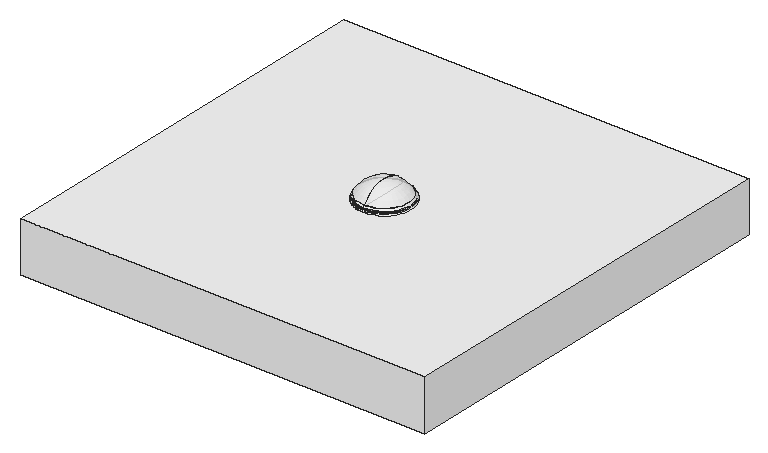
Revit family "Sarlam_Lighting_Bulkhead_Astreo_T1_Diam_330mm_800_Lm", category Luminaires, Revit 2020
Family settings
  Hôte = Face
  Cote de connecteur circulaire = Utiliser le diamètre
  Type d'élément = Normal
  Couper avec des vides une fois chargée = Non
  Source d'éclairage = Oui
  Partagée = Non
  Point de calcul de pièce = Non
Parameters (values of type "ON/OFF WHITE")
  Zone plafond formes 8à9 [instance] = and(Outer diameter = 328 mm, or(Standard Forme 8), not([Detection area - Wall]), [Detection area - Ceiling])  # no
  Zone murale formes 8à9 [instance] = and(Outer diameter = 328 mm, or(Standard Forme 8), [Detection area - Wall], not([Detection area - Ceiling]))  # no
  With movement sensor = no
  With light sensor = no
  Width = 328 mm
  Voltage type = "AC"
  Type of dimming = "Not dimmable"
  Type of control gear = "LED operating device current-controlled"
  System power W = 10.5
  Suitable for wall mounting = yes
  Suitable for suspended mounting = no
  Suitable for surface mounting = yes
  Suitable for ceiling mounting = yes
  Suitable for built-in mounting = no
  Radiation angle = "Open beam"
  Protection Class = "II"
  Outer diameter = 328 mm
  Nominal voltage (Un) V MIN = 207
  Nominal voltage (Un) V MAX = 253
  Nominal current mA MIN = 61
  Nominal current mA MAX = 84
  Material housing = Plastique
  Light sharing = "Symmetric"
  Length = 328 mm
  Lamp type = "LED not exchangeable"
  Lamp power at multiwatt = "Other"
  Lamp power W = ""
  Lamp holder = "None"
  Impact strength (IK) = "IK07"
  Height/depth = 107 mm
  General Conditions of Use = "https://export.legrand.com/en/terms-of-use-BIM-objects"
  Effective luminous flux lm = 800
  Detection area = ""
  URL = "http://www.legrandoc.com/SL532180"
  built-in parameter 1150107 = 3200 (stored number, unit not read)
  Standard Forme 8 = yes
  Wattage = 9.2903 W
  built-in parameter 1150110 = 1 (stored number, unit not read)
  built-in parameter 1150109 = 1 (stored number, unit not read)
  built-in parameter 1114218 = 1 (stored number, unit not read)
  built-in parameter 1150113 = 1 (stored number, unit not read)
  built-in parameter 1150112 = 1 (stored number, unit not read)
  built-in parameter 1150137 = (empty or 0)
  built-in parameter 1150132 = (empty or 0)
  Modèle = "SL-532180"
  built-in parameter 1150105 = 109.82 (stored number, unit not read)
  built-in parameter 1150102 = (empty or 0)
  Dimming Lamp Color Temperature Shift = (empty or 0)
  Lumens = 1380 lm
  Color Filter = 16777215
  Fichier de distribution photométrique = "SL532080.ies"
  built-in parameter 1114217 = 1 (stored number, unit not read)
  built-in parameter 1150139 = (empty or 0)
  Fabricant = "LEGRAND"
  Emettre à partir du diamètre du cercle = 250 mm
  Emit Shape Visible in Rendering = no
  built-in parameter 1150104 = 13.8 (stored number, unit not read)
  built-in parameter 1150106 = 1.0982 (stored number, unit not read)
  built-in parameter 1150115 = 1 (stored number, unit not read)
  built-in parameter 1150114 = 1 (stored number, unit not read)
  Description = "ASTREO 800LM 4000K  STANDARD ON/OFF WHITE"
  Degree of protection (IP) = "IP44"
  built-in parameter 1150138 = (empty or 0)
  built-in parameter 1150134 = 3
  Colour temperature K MIN = 4000
  Colour temperature K MAX = 4000
  Colour rendering index CRI = "80-89"
  Colour housing = LEGRAND - White
  Built-in width = 328 mm
  Built-in length = 0 mm
  Built-in height/depth = 0 mm
  Built-in diameter = 0 mm
  Tilt Angle = 0.00°
  Detection area - Ceiling [instance] = no
  Detection area - Wall [instance] = no
  Default Elevation = 2500 mm
  Tag [instance] = no
  built-in parameter 1150133 = 10 (stored number, unit not read)
Types (4, lengths in mm): name | With movement sensor | System power W | Detection area | URL | Modèle | Description | Colour housing
  ON/OFF WHITE | no | 10.5 | "" | "http://www.legrandoc.com/SL532180" | "SL-532180" | "ASTREO 800LM 4000K  STANDARD ON/OFF WHITE" | LEGRAND - White
  ON/OFF ANTHRACITE | no | 10.5 | "" | "http://www.legrandoc.com/SL532181" | "SL-532181" | "ASTREO 800LM 4000K  STANDARD ON/OFF BLACK" | LEGRAND - Anthracite
  With microwave sensor WHITE | yes | 11 | "Detection at 2,5m high Ceiling: Ø 12m max Wall: Ellipse 10*8m" | "http://www.legrandoc.com/SL532185" | "SL-532185" | "ASTREO 800LM 4000K  STANDARD DETECTION WHITE" | LEGRAND - White
  With microwave sensor ANTHRACITE | yes | 11 | "Detection at 2,5m high Ceiling: Ø 12m max Wall: Ellipse 10*8m" | "http://www.legrandoc.com/SL532186" | "SL-532186" | "ASTREO 800LM 4000K  STANDARD DETECTION BLACK" | LEGRAND - Anthracite
Reference planes
  plane 1 "Centre (avant/arrière)": y = 0
  plane 2: z = 0
  plane 3 "Centre (gauche/droite)": x = 0
  plane 4: z = 127
Forms (mm)
  Extrusion 1, solid, material "Blanc"
    sketch origin (0, 0, 0) x (1, 0, 0) y (0, 1, 0)
      loop
        line (-1219.2, 1219.2) -> (-1219.2, -1219.2) -> (1219.2, -1219.2) -> (1219.2, 1219.2) -> (-1219.2, 1219.2)
    from 0 to -304.8
Lines and regions (mm)
  model lines, not visible
    curve 1: line (0, 0, 0) -> (0, 0, 2230)
    curve 2: line (0, 0, 0) -> (0, 3300, 0)
    curve 3: line (0, 0, 0) -> (-2620, 0, 0)
Dimensions and locks
  level to plane 4 = 127 mm
  aligned and locked: plane 2 to Extrusion 1
  aligned and locked: level to Extrusion 1
  aligned and locked: imposter light to plane 4
  aligned and locked: plane 3 "Centre (gauche/droite)" to imposter light
Nested families
  nested 1: "Zone de détection murale Chartres-Astreo" at (0, 0, 0) x (0, 0, 1) z (0, -1, 0), visible <- "Detection area - Wall", type "Zone de détection murale"
  nested 2: "Formes 1-2-3-4-6-7-8-9" at (0, 0, 0), type "Formes"
    with Standard Forme 8 yes
  nested 3: "Zone de détection plafond Chartres-Astreo" at (0, 0, 2500), visible <- "Detection area - Ceiling", type "Zone de détection plafond"
    with Zone plafond Formes 8à9 no
  nested 4: "Zone de détection murale Chartres-Astreo" at (0, 0, 0) x (0, 0, 1) z (1, 0, 0), visible <- "Detection area - Wall", type "Zone de détection murale"
  nested 5: "Etiquette de zone" at (-35, 244, 0) x (-1, 0, 0) z (0, 0, 1), visible <- "Tag", type "Etiquette de zone"
Connectors
  electrical at (0, 0, 0)
    settings: on nested 2, index 1, voltage 230 V, apparent load 0 VA, apparent load phase1 0 VA, apparent load phase2 0 VA, apparent load phase3 0 VA, power factor 1, load classification "Eclairage", number of poles 1, system type 30, power factor state 1, is connector primary yes, connector utility no, sub classification motor no, connector description ""
Definition of nested family "Formes 1-2-3-4-6-7-8-9"
  Parameters (values of type "Formes")
    Standard Forme 8 = no
    Standard Formes 1-3-6 = no
    Matériau hublot = none
    Matériau corps = none
    Fl = if(Diamètre total < 325 mm, 70 mm, if(Diamètre total = 328 mm, 107 mm, 90 mm))  # 107 mm
    Default Elevation = 0 mm
    Dimension hublot = if(Diamètre total = 300 mm, 121.1 mm, if(Diamètre total = 322 mm, 129.3 mm, if(Diamètre total = 328 mm, 148.6 mm, if(Diamètre total = 420 mm, 179.2 mm, 185.3 mm))))  # 148.6 mm
    Diamètre total = 328 mm
    Courbure = if(Diamètre total = 300 mm, 195.7 mm, if(Diamètre total = 322 mm, 220.2 mm, if(Diamètre total = 328 mm, 179.2 mm, if(Diamètre total = 420 mm, 290 mm, 307.8 mm))))  # 179.2 mm
    Couleur corps = none
    Antivandale Forme 9 = no
    Antivandale Formes 2-4-7 = no
  Reference planes
    plane 1 "Centre (avant/arrière)": y = 0
    plane 2: z = 0
    plane 3 "Centre (gauche/droite)": x = 0
    plane 4: y = 164
    plane 5: y = -164
    plane 6: y = 148.6
  Forms (mm)
    Revolve 1, solid, material <- "Matériau hublot"
      sketch origin (0, 0, 0) x (0, 0, -1) y (0, 1, 0)
        loop
          arc (-28, 148.6) -> (-86.03, 84.151) -> (-107, 0) r 179.2
          line (-107, 0) -> (-28, 0) -> (-28, 148.6)
        axis (-28, 0) -> (-107, 0)
      angle from 0 to 360
  Dimensions and locks
    equal spacing: plane 4, plane 1 "Centre (avant/arrière)", plane 5
    "Diamètre total": plane 4 to plane 5
    equal spacing: plane 5, plane 1 "Centre (avant/arrière)", plane 4
    "Dimension hublot": plane 1 "Centre (avant/arrière)" to plane 6
    "Fl": Revolve 1 sketch curve to plane 2
    "Courbure": radius of Revolve 1 sketch curve
    aligned and locked: level to plane 2
    aligned and locked: plane 6 to Revolve 1 sketch curve
    aligned and locked: plane 2 to nested 2
  Automatic sketch dimensions
    Revolve 1 sketch curve to plane 1 "Centre (avant/arrière)" = 0 mm  (x2)
    level to Revolve 1 sketch curve = 28 mm
    Revolve 1 sketch curve to Revolve 1 sketch curve = 1811.469 mm
    Revolve 1 sketch curve to Revolve 1 sketch curve = 1147.22 mm
  Nested families
    nested 1: "Corps standard Formes 1-3-6" at (0, 0, 0), visible <- "Standard Formes 1-3-6", type "Corps standard Formes 1-3-6"
      with Diamètre 328 mm
    nested 2: "Corps antivandale Formes 2-4-7" at (0, 0, 0), visible <- "Antivandale Formes 2-4-7", type "Corps antivandale Formes 2-4-7"
      with Diamètre 328 mm
    nested 3: "Corps standard Forme 8" at (0, 0, 0), visible <- "Standard Forme 8", type "Corps standard Forme 8"
    nested 4: "Corps antivandale Forme 9" at (0, 0, 0), visible <- "Antivandale Forme 9", type "Corps antivandale Forme 9"
  Definition of nested family "Corps standard Formes 1-3-6"
    Parameters (values of type "Corps standard")
      Matériau corps = none
      Default Elevation = 0 mm
      Couleur corps = none
      Diamètre = 322 mm
      Courbure = if(Diamètre < 400 mm, 195.7 mm, 290 mm)  # 195.7 mm
    Reference planes
      plane 1 "Centre (avant/arrière)": y = 0
      plane 2: z = 0
      plane 3 "Centre (gauche/droite)": x = 0
      plane 4: y = 161
      plane 5: y = -161
      plane 6: z = 28
    Forms (mm)
      Revolve 1, solid, material <- "Couleur corps"
        sketch origin (0, 0, 0) x (0, 0, -1) y (0, 1, 0)
          loop
            line (0, 0) -> (0, 161)
            arc (0, 161) -> (-14.55, 149.906) -> (-28, 137.502) r 195.7
            line (-28, 137.502) -> (-28, 0) -> (0, 0)
          axis (0, 0) -> (-28, 0)
        angle from 0 to 360
    Dimensions and locks
      equal spacing: plane 4, plane 1 "Centre (avant/arrière)", plane 5
      "Diamètre": plane 4 to plane 5
      equal spacing: plane 5, plane 1 "Centre (avant/arrière)", plane 4
      "Courbure": radius of Revolve 1 sketch curve
      aligned and locked: level to plane 2
      aligned and locked: plane 2 to Revolve 1  (x2)
      aligned and locked: Revolve 1 to plane 2
      aligned and locked: plane 6 to Revolve 1
    Automatic sketch dimensions
      Revolve 1 sketch curve to plane 1 "Centre (avant/arrière)" = 0 mm  (x3)
      Revolve 1 sketch curve to plane 6 = 0 mm
      Revolve 1 sketch curve to level = 0 mm
      Revolve 1 sketch curve to plane 4 = 0 mm
      plane 6 to Revolve 1 sketch curve = 1833.51 mm
      Revolve 1 sketch curve to Revolve 1 sketch curve = 1167.217 mm
  Definition of nested family "Corps antivandale Formes 2-4-7"
    Parameters (values of type "Corps antivandale")
      Rayon réseau vis = if(Diamètre < 400 mm, 137.2 mm, 193.2 mm)  # 137.2 mm
      Matériau corps = none
      Default Elevation = 0 mm
      Diamètre = 322 mm
      Courbure = if(Diamètre < 400 mm, 220.2 mm, 307.8 mm)  # 220.2 mm
      Couleur corps = none
    Reference planes
      plane 1 "Centre (avant/arrière)": y = 0
      plane 2: z = 0
      plane 3 "Centre (gauche/droite)": x = 0
      plane 4: y = 161
      plane 5: y = -161
      plane 6: z = 28
      plane 7: through (0, 0, 1200) normal (0.5, 0.866, 0)
      plane 8: through (0, 0, 1200) normal (0.5, -0.866, 0)
    Forms (mm)
      Revolve 1, solid, material <- "Couleur corps"
        sketch origin (0, 0, 0) x (0, 0, -1) y (0, 1, 0)
          loop
            line (0, 0) -> (0, 161)
            arc (0, 161) -> (-14.762, 145.835) -> (-28, 129.323) r 220.2
            line (-28, 129.323) -> (-28, 0) -> (0, 0)
          axis (0, 0) -> (-28, 0)
        angle from 0 to 360
      Extrusion 2, solid, material <- "Couleur corps"
        sketch origin (0, -0.04, 0) x (1, 0, 0) y (0, 1, 0)
          loop
            line (-4, 129.32) -> (-4, 137.3)
            arc (-4, 137.3) -> (0, 141.3) -> (4, 137.3) r 4
            line (4, 137.3) -> (4, 129.32)
            arc (4, 129.32) -> (5, 129.285) -> (6, 129.243) r 129.323
            line (6, 129.243) -> (6, 137.3)
            arc (6, 137.3) -> (0, 143.3) -> (-6, 137.3) r 6
            line (-6, 137.3) -> (-6, 129.243)
            arc (-6, 129.243) -> (-5, 129.285) -> (-4, 129.32) r 129.323
        from 15.189 to 28
      Extrusion 3, solid, material <- "Couleur corps"
        sketch origin (-0.035, 0.02, 0) x (-0.5, -0.866025, 0) y (0.866025, -0.5, 0)
          loop
            line (-4, 129.32) -> (-4, 137.3)
            arc (-4, 137.3) -> (0, 141.3) -> (4, 137.3) r 4
            line (4, 137.3) -> (4, 129.32)
            arc (4, 129.32) -> (5, 129.285) -> (6, 129.243) r 129.323
            line (6, 129.243) -> (6, 137.3)
            arc (6, 137.3) -> (0, 143.3) -> (-6, 137.3) r 6
            line (-6, 137.3) -> (-6, 129.243)
            arc (-6, 129.243) -> (-5, 129.285) -> (-4, 129.32) r 129.323
        from 15.189 to 28
      Extrusion 4, solid, material <- "Couleur corps"
        sketch origin (0.035, 0.02, 0) x (-0.5, 0.866025, 0) y (-0.866025, -0.5, 0)
          loop
            line (-4, 129.32) -> (-4, 137.3)
            arc (-4, 137.3) -> (0, 141.3) -> (4, 137.3) r 4
            line (4, 137.3) -> (4, 129.32)
            arc (4, 129.32) -> (5, 129.285) -> (6, 129.243) r 129.323
            line (6, 129.243) -> (6, 137.3)
            arc (6, 137.3) -> (0, 143.3) -> (-6, 137.3) r 6
            line (-6, 137.3) -> (-6, 129.243)
            arc (-6, 129.243) -> (-5, 129.285) -> (-4, 129.32) r 129.323
        from 15.189 to 28
      Revolve 5, solid
        sketch origin (0, 0.018, -12.656) x (0, 1, 0) y (0, 0, 1)
          loop
            line (136.525, 38.942) -> (136.525, 29.094) -> (136.962, 29.907) -> (137.751, 35.518) -> (140.148, 38.942) -> (136.525, 38.942)
          axis (136.525, 29.094) -> (136.525, 38.942)
        angle from 0 to 360
      Revolve 6, solid
        sketch origin (0.016, -0.009, -12.656) x (0.866025, -0.5, 0) y (0, 0, 1)
          loop
            line (136.525, 38.942) -> (136.525, 29.094) -> (136.962, 29.907) -> (137.751, 35.518) -> (140.148, 38.942) -> (136.525, 38.942)
          axis (136.525, 29.094) -> (136.525, 38.942)
        angle from 0 to 360
      Revolve 7, solid
        sketch origin (-0.016, -0.009, -12.656) x (-0.866025, -0.5, 0) y (0, 0, 1)
          loop
            line (136.525, 38.942) -> (136.525, 29.094) -> (136.962, 29.907) -> (137.751, 35.518) -> (140.148, 38.942) -> (136.525, 38.942)
          axis (136.525, 29.094) -> (136.525, 38.942)
        angle from 0 to 360
    Cuts and joins
      joined: Revolve 1, Extrusion 2
    Lines and regions (mm)
      model lines
        curve 1: line (-2.5, 136.543, 26.285) -> (2.5, 136.543, 26.285)
        curve 2: line (0, 138.995, 26.285) -> (0, 133.995, 26.285)
        curve 3: line (119.5, -66.107, 26.285) -> (117, -70.437, 26.285)
        curve 4: line (120.373, -69.497, 26.285) -> (116.043, -66.997, 26.285)
        curve 5: line (-117, -70.437, 26.285) -> (-119.5, -66.107, 26.285)
        curve 6: line (-120.373, -69.497, 26.285) -> (-116.043, -66.997, 26.285)
    Dimensions and locks
      equal spacing: plane 4, plane 1 "Centre (avant/arrière)", plane 5
      "Diamètre": plane 4 to plane 5
      equal spacing: plane 5, plane 1 "Centre (avant/arrière)", plane 4
      "Courbure": radius of Revolve 1 sketch curve
      "Rayon réseau vis": radius of radial array
      aligned and locked: level to plane 2
      aligned and locked: plane 2 to Revolve 1  (x2)
      aligned and locked: Revolve 1 to plane 2
      aligned and locked: plane 6 to Revolve 1
    Automatic sketch dimensions
      Extrusion 2 sketch curve to Extrusion 2 sketch curve = 0 mm  (x9)
      Extrusion 2 sketch curve to Extrusion 2 sketch curve = 7.98 mm
      Extrusion 2 sketch curve to Extrusion 2 sketch curve = 0.077 mm
      Extrusion 2 sketch curve to Extrusion 2 sketch curve = 2 mm
      Extrusion 2 sketch curve to Extrusion 2 sketch curve = 4 mm
      Extrusion 2 sketch curve to Extrusion 2 sketch curve = 6 mm
      Extrusion 3 sketch curve to Extrusion 3 sketch curve = 0 mm  (x9)
      Extrusion 3 sketch curve to Extrusion 3 sketch curve = 7.98 mm
      Extrusion 3 sketch curve to Extrusion 3 sketch curve = 0.077 mm
      Extrusion 3 sketch curve to Extrusion 3 sketch curve = 2 mm
      Extrusion 3 sketch curve to Extrusion 3 sketch curve = 4 mm
      Extrusion 3 sketch curve to Extrusion 3 sketch curve = 6 mm
      Extrusion 4 sketch curve to Extrusion 4 sketch curve = 0 mm  (x9)
      Extrusion 4 sketch curve to Extrusion 4 sketch curve = 7.98 mm
      Extrusion 4 sketch curve to Extrusion 4 sketch curve = 0.077 mm
      Extrusion 4 sketch curve to Extrusion 4 sketch curve = 2 mm
      Extrusion 4 sketch curve to Extrusion 4 sketch curve = 4 mm
      Extrusion 4 sketch curve to Extrusion 4 sketch curve = 6 mm
      Revolve 7 sketch curve to Revolve 7 sketch curve = 0.437 mm  (x2)
      Revolve 7 sketch curve to Revolve 7 sketch curve = 1.226 mm  (x2)
      Revolve 7 sketch curve to Revolve 7 sketch curve = 2.397 mm
      Revolve 7 sketch curve to Revolve 7 sketch curve = 0.813 mm  (x2)
      Revolve 7 sketch curve to Revolve 7 sketch curve = 5.611 mm  (x2)
      Revolve 7 sketch curve to Revolve 7 sketch curve = 3.424 mm  (x2)
      Revolve 7 sketch curve to Revolve 7 sketch curve = 0 mm  (x2)
      Revolve 7 sketch curve to Revolve 7 sketch curve = 0.975 mm
      Revolve 7 sketch curve to Revolve 7 sketch curve = 3.281 mm  (x2)
      Revolve 5 sketch curve to Revolve 5 sketch curve = 0.437 mm  (x2)
      Revolve 5 sketch curve to Revolve 5 sketch curve = 1.226 mm  (x2)
      Revolve 5 sketch curve to Revolve 5 sketch curve = 3.623 mm
      Revolve 5 sketch curve to Revolve 5 sketch curve = 5.611 mm  (x2)
      Revolve 5 sketch curve to Revolve 5 sketch curve = 3.424 mm  (x2)
      Revolve 5 sketch curve to Revolve 5 sketch curve = 0 mm  (x2)
      Revolve 5 sketch curve to Revolve 5 sketch curve = 0.813 mm  (x2)
      Revolve 5 sketch curve to Revolve 5 sketch curve = 0.162 mm
      Revolve 5 sketch curve to Revolve 5 sketch curve = 3.281 mm  (x2)
      Revolve 6 sketch curve to Revolve 6 sketch curve = 0.437 mm  (x2)
      Revolve 6 sketch curve to Revolve 6 sketch curve = 1.226 mm  (x2)
      Revolve 6 sketch curve to Revolve 6 sketch curve = 3.623 mm
      Revolve 6 sketch curve to Revolve 6 sketch curve = 5.611 mm  (x2)
      Revolve 6 sketch curve to Revolve 6 sketch curve = 3.424 mm  (x2)
      Revolve 6 sketch curve to Revolve 6 sketch curve = 0 mm  (x2)
      Revolve 6 sketch curve to Revolve 6 sketch curve = 0.813 mm  (x2)
      Revolve 6 sketch curve to Revolve 6 sketch curve = 0.162 mm
      Revolve 6 sketch curve to Revolve 6 sketch curve = 3.281 mm  (x2)
      Revolve 7 sketch curve to Revolve 7 sketch curve = 3.623 mm
      Revolve 7 sketch curve to Revolve 7 sketch curve = 0.162 mm
      curve 2 to Revolve 5 = 0 mm
      curve 2 to curve 1 = 2.548 mm
      curve 1 to curve 2 = 2.452 mm
      Revolve 5 to curve 1 = 2.5 mm
      curve 1 to Revolve 5 = 2.5 mm
      curve 4 to Revolve 6 = 0 mm
      curve 4 to curve 3 = 2.548 mm
      curve 3 to curve 4 = 2.452 mm
      Revolve 6 to curve 3 = 2.5 mm
      curve 3 to Revolve 6 = 2.5 mm
      curve 6 to Revolve 7 = 0 mm
      curve 6 to curve 5 = 2.548 mm
      curve 5 to curve 6 = 2.452 mm
      Revolve 7 to curve 5 = 2.5 mm
      curve 5 to Revolve 7 = 2.5 mm
      Revolve 5 sketch curve to Revolve 5 sketch curve = 2.397 mm
      Revolve 5 sketch curve to Revolve 5 sketch curve = 0.975 mm
      Revolve 6 sketch curve to Revolve 6 sketch curve = 2.397 mm
      Revolve 6 sketch curve to Revolve 6 sketch curve = 0.975 mm
      Revolve 1 sketch curve to plane 1 "Centre (avant/arrière)" = 0 mm  (x3)
      Revolve 1 sketch curve to plane 6 = 0 mm
      Revolve 1 sketch curve to level = 0 mm
      Revolve 1 sketch curve to plane 4 = 0 mm
      plane 6 to Revolve 1 sketch curve = 1833.51 mm
      Revolve 1 sketch curve to Revolve 1 sketch curve = 1128.321 mm
  Definition of nested family "Corps standard Forme 8"
    Parameters (values of type "Corps standard Forme 8")
      Matériau corps = none
      Default Elevation = 0 mm
      Couleur corps = none
      Diamètre = 328 mm
    Reference planes
      plane 1 "Centre (avant/arrière)": y = 0
      plane 2: z = 0
      plane 3 "Centre (gauche/droite)": x = 0
      plane 4: y = 164
      plane 5: y = -164
      plane 6: z = 28
      plane 7: y = 7.5
      plane 8: y = -7.5
    Forms (mm)
      Revolve 1, solid, material <- "Couleur corps"
        sketch origin (0, 0, 0) x (0, 0, -1) y (0, 1, 0)
          loop
            line (0, 0) -> (0, 164)
            arc (0, 164) -> (-14.345, 156.905) -> (-28, 148.559) r 179.182
            line (-28, 148.559) -> (-28, 0) -> (0, 0)
          axis (0, 0) -> (-28, 0)
        angle from 0 to 360
      Sweep 2, void
        path origin (0, 0, 0) x (1, 0, 0) y (0, 1, 0)
          loop
            arc (153.049, 7.5) -> (0, 153.232) -> (-153.049, 7.5) r 153.232
        profile origin (0, 153.232, 0) x (0, -1, 0) y (0, 0, 1)
          loop
            line (-5.469, 6.213) -> (-10.469, 16.465) -> (-10.469, 6.213) -> (-5.469, 6.213)
      Sweep 3, void
        path origin (0, 0, 0) x (1, 0, 0) y (0, 1, 0)
          loop
            arc (153.049, 7.5) -> (0, 153.232) -> (-153.049, 7.5) r 153.232
        profile origin (0, 153.232, 0) x (0, -1, 0) y (0, 0, 1)
          loop
            line (-1.643, 13.471) -> (-6.643, 23.723) -> (-6.643, 13.471) -> (-1.643, 13.471)
      Sweep 4, void
        path origin (0, 0, 0) x (1, 0, 0) y (0, -1, 0)
          loop
            arc (153.049, 7.5) -> (0, 153.232) -> (-153.049, 7.5) r 153.232
        profile origin (0, -153.232, 0) x (0, -1, 0) y (0, 0, 1)
          loop
            line (1.643, 13.471) -> (6.643, 13.471) -> (6.643, 23.723) -> (1.643, 13.471)
      Sweep 5, void
        path origin (0, 0, 0) x (1, 0, 0) y (0, -1, 0)
          loop
            arc (153.049, 7.5) -> (0, 153.232) -> (-153.049, 7.5) r 153.232
        profile origin (0, -153.232, 0) x (0, -1, 0) y (0, 0, 1)
          loop
            line (5.469, 6.213) -> (10.469, 6.213) -> (10.469, 16.465) -> (5.469, 6.213)
    Cuts and joins
      Sweep 2, Sweep 3, Sweep 4, Sweep 5 cuts Revolve 1
    Dimensions and locks
      equal spacing: plane 4, plane 1 "Centre (avant/arrière)", plane 5
      "Diamètre": plane 4 to plane 5
      equal spacing: plane 5, plane 1 "Centre (avant/arrière)", plane 4
      aligned and locked: level to plane 2
      aligned and locked: plane 2 to Revolve 1  (x2)
      aligned and locked: Revolve 1 to plane 2
      aligned and locked: plane 6 to Revolve 1
    Automatic sketch dimensions
      Sweep 2 sketch curve to plane 7 = 0 mm  (x2)
      plane 1 "Centre (avant/arrière)" to Sweep 2 sketch curve = 0 mm
      Sweep 2 sketch curve to plane 3 "Centre (gauche/droite)" = 0 mm
      Sweep 2 sketch curve to plane 3 "Centre (gauche/droite)" = 153.049 mm
      Sweep 3 sketch curve to plane 7 = 0 mm  (x2)
      plane 1 "Centre (avant/arrière)" to Sweep 3 sketch curve = 0 mm
      Sweep 3 sketch curve to plane 3 "Centre (gauche/droite)" = 0 mm
      Sweep 3 sketch curve to plane 3 "Centre (gauche/droite)" = 153.049 mm
      Sweep 4 sketch curve to plane 8 = 0 mm  (x2)
      plane 1 "Centre (avant/arrière)" to Sweep 4 sketch curve = 0 mm
      Sweep 4 sketch curve to plane 3 "Centre (gauche/droite)" = 0 mm
      plane 3 "Centre (gauche/droite)" to Sweep 4 sketch curve = 153.049 mm
      Sweep 5 sketch curve to plane 8 = 0 mm  (x2)
      plane 1 "Centre (avant/arrière)" to Sweep 5 sketch curve = 0 mm
      Sweep 5 sketch curve to plane 3 "Centre (gauche/droite)" = 0 mm
      plane 3 "Centre (gauche/droite)" to Sweep 5 sketch curve = 153.049 mm
      Revolve 1 sketch curve to plane 1 "Centre (avant/arrière)" = 0 mm  (x3)
      Revolve 1 sketch curve to plane 6 = 0 mm
      Revolve 1 sketch curve to level = 0 mm
      Revolve 1 sketch curve to plane 4 = 0 mm
      Revolve 1 sketch curve to Revolve 1 sketch curve = 72.182 mm
      plane 6 to Revolve 1 sketch curve = 1833.51 mm
      Revolve 1 sketch curve to Revolve 1 sketch curve = 1201.817 mm
      profile plane to Sweep 2 sketch curve = 10.469 mm
      Sweep 2 sketch curve to Sweep 2 sketch curve = 5 mm
      level to Sweep 2 sketch curve = 6.213 mm
      Sweep 2 sketch curve to Sweep 2 sketch curve = 10.252 mm
      profile plane to Sweep 3 sketch curve = 6.643 mm
      profile plane to Sweep 3 sketch curve = 1.643 mm
      level to Sweep 3 sketch curve = 13.471 mm
      Sweep 3 sketch curve to Sweep 3 sketch curve = 10.252 mm
      Sweep 4 sketch curve to profile plane = 1.643 mm
      Sweep 4 sketch curve to profile plane = 6.643 mm
      level to Sweep 4 sketch curve = 13.471 mm
      Sweep 4 sketch curve to Sweep 4 sketch curve = 10.252 mm
      Sweep 5 sketch curve to profile plane = 5.469 mm
      Sweep 5 sketch curve to profile plane = 10.469 mm
      level to Sweep 5 sketch curve = 6.213 mm
      Sweep 5 sketch curve to Sweep 5 sketch curve = 10.252 mm
  Definition of nested family "Corps antivandale Forme 9"
    Parameters (values of type "Corps antivandale Forme 9")
      Matériau corps = none
      Default Elevation = 0 mm
      Couleur corps = none
      Diamètre = 328 mm
    Reference planes
      plane 1 "Centre (avant/arrière)": y = 0
      plane 2: z = 0
      plane 3 "Centre (gauche/droite)": x = 0
      plane 4: y = 164
      plane 5: y = -164
      plane 6: z = 28
      plane 7: y = 7.5
      plane 8: y = -7.5
    Forms (mm)
      Revolve 1, solid, material <- "Couleur corps"
        sketch origin (0, 0, 0) x (0, 0, -1) y (0, 1, 0)
          loop
            line (0, 0) -> (0, 164)
            arc (0, 164) -> (-14.345, 156.905) -> (-28, 148.559) r 179.182
            line (-28, 148.559) -> (-28, 0) -> (0, 0)
          axis (0, 0) -> (-28, 0)
        angle from 0 to 360
      Extrusion 2, void
        sketch origin (-1.406, 0, 0) x (1, 0, 0) y (0, 1, 0)
          loop
            circle (157.486, 0) r 5
        from 5.665 to 28
      Sweep 3, void
        path origin (0, 0, 0) x (1, 0, 0) y (0, 1, 0)
          loop
            arc (153.049, 7.5) -> (0, 153.232) -> (-153.049, 7.5) r 153.232
        profile origin (0, 153.232, 0) x (0, -1, 0) y (0, 0, 1)
          loop
            line (-5.469, 6.213) -> (-10.469, 16.465) -> (-10.469, 6.213) -> (-5.469, 6.213)
      Extrusion 4, void
        sketch origin (1.406, 0, 0) x (-1, 0, 0) y (0, -1, 0)
          loop
            circle (157.486, 0) r 5
        from 5.665 to 28
      Sweep 5, void
        path origin (0, 0, 0) x (1, 0, 0) y (0, 1, 0)
          loop
            arc (153.049, 7.5) -> (0, 153.232) -> (-153.049, 7.5) r 153.232
        profile origin (0, 153.232, 0) x (0, -1, 0) y (0, 0, 1)
          loop
            line (-1.643, 13.471) -> (-6.643, 23.723) -> (-6.643, 13.471) -> (-1.643, 13.471)
      Sweep 6, void
        path origin (0, 0, 0) x (1, 0, 0) y (0, -1, 0)
          loop
            arc (153.049, 7.5) -> (0, 153.232) -> (-153.049, 7.5) r 153.232
        profile origin (0, -153.232, 0) x (0, -1, 0) y (0, 0, 1)
          loop
            line (1.643, 13.471) -> (6.643, 13.471) -> (6.643, 23.723) -> (1.643, 13.471)
      Sweep 7, void
        path origin (0, 0, 0) x (1, 0, 0) y (0, -1, 0)
          loop
            arc (153.049, 7.5) -> (0, 153.232) -> (-153.049, 7.5) r 153.232
        profile origin (0, -153.232, 0) x (0, -1, 0) y (0, 0, 1)
          loop
            line (5.469, 6.213) -> (10.469, 6.213) -> (10.469, 16.465) -> (5.469, 6.213)
      Revolve 8, solid
        sketch origin (-156.149, -136.533, -30.469) x (0, 1, 0) y (0, 0, 1)
          loop
            line (136.525, 38.942) -> (136.525, 31.651) -> (137.319, 32.445) -> (137.923, 36.741) -> (139.106, 38.942) -> (136.525, 38.942)
          axis (136.525, 31.651) -> (136.525, 38.942)
        angle from 0 to 360
      Revolve 9, solid
        sketch origin (156.149, -136.533, -30.469) x (0, 1, 0) y (0, 0, -1)
          loop
            line (136.525, -38.942) -> (139.106, -38.942) -> (137.923, -36.741) -> (137.319, -32.445) -> (136.525, -31.651) -> (136.525, -38.942)
          axis (136.525, -31.651) -> (136.525, -38.942)
        angle from 0 to 360
    Cuts and joins
      Extrusion 2, Sweep 3, Extrusion 4, Sweep 5, Sweep 6, Sweep 7 cuts Revolve 1
    Lines and regions (mm)
      model lines
        curve 1: line (-156.149, 1.39, 8.473) -> (-156.149, -1.406, 8.473)
        curve 2: line (-157.503, 0, 8.473) -> (-154.615, 0, 8.473)
        curve 3: line (156.149, 1.39, 8.473) -> (156.149, -1.406, 8.473)
        curve 4: line (157.503, 0, 8.473) -> (154.615, 0, 8.473)
    Dimensions and locks
      equal spacing: plane 4, plane 1 "Centre (avant/arrière)", plane 5
      "Diamètre": plane 4 to plane 5
      equal spacing: plane 5, plane 1 "Centre (avant/arrière)", plane 4
      aligned and locked: level to plane 2
      aligned and locked: plane 2 to Revolve 1  (x2)
      aligned and locked: Revolve 1 to plane 2
      aligned and locked: plane 6 to Revolve 1
    Automatic sketch dimensions
      plane 1 "Centre (avant/arrière)" to Extrusion 2 sketch curve = 0 mm
      plane 3 "Centre (gauche/droite)" to Extrusion 2 sketch curve = 156.08 mm
      Sweep 3 sketch curve to plane 7 = 0 mm  (x2)
      plane 1 "Centre (avant/arrière)" to Sweep 3 sketch curve = 0 mm
      Sweep 3 sketch curve to plane 3 "Centre (gauche/droite)" = 0 mm
      Sweep 3 sketch curve to plane 3 "Centre (gauche/droite)" = 153.049 mm
      plane 1 "Centre (avant/arrière)" to Extrusion 4 sketch curve = 0 mm
      plane 3 "Centre (gauche/droite)" to Extrusion 4 sketch curve = 156.08 mm
      Sweep 5 sketch curve to plane 7 = 0 mm  (x2)
      plane 1 "Centre (avant/arrière)" to Sweep 5 sketch curve = 0 mm
      Sweep 5 sketch curve to plane 3 "Centre (gauche/droite)" = 0 mm
      Sweep 5 sketch curve to plane 3 "Centre (gauche/droite)" = 153.049 mm
      Sweep 6 sketch curve to plane 8 = 0 mm  (x2)
      plane 1 "Centre (avant/arrière)" to Sweep 6 sketch curve = 0 mm
      Sweep 6 sketch curve to plane 3 "Centre (gauche/droite)" = 0 mm
      plane 3 "Centre (gauche/droite)" to Sweep 6 sketch curve = 153.049 mm
      Sweep 7 sketch curve to plane 8 = 0 mm  (x2)
      plane 1 "Centre (avant/arrière)" to Sweep 7 sketch curve = 0 mm
      Sweep 7 sketch curve to plane 3 "Centre (gauche/droite)" = 0 mm
      plane 3 "Centre (gauche/droite)" to Sweep 7 sketch curve = 153.049 mm
      Revolve 1 sketch curve to plane 1 "Centre (avant/arrière)" = 0 mm  (x3)
      Revolve 1 sketch curve to plane 6 = 0 mm
      Revolve 1 sketch curve to level = 0 mm
      Revolve 1 sketch curve to plane 4 = 0 mm
      Revolve 1 sketch curve to Revolve 1 sketch curve = 72.182 mm
      plane 6 to Revolve 1 sketch curve = 1833.51 mm
      Revolve 1 sketch curve to Revolve 1 sketch curve = 1201.817 mm
      profile plane to Sweep 3 sketch curve = 10.469 mm
      Sweep 3 sketch curve to Sweep 3 sketch curve = 5 mm
      level to Sweep 3 sketch curve = 6.213 mm
      Sweep 3 sketch curve to Sweep 3 sketch curve = 10.252 mm
      profile plane to Sweep 5 sketch curve = 6.643 mm
      profile plane to Sweep 5 sketch curve = 1.643 mm
      level to Sweep 5 sketch curve = 13.471 mm
      Sweep 5 sketch curve to Sweep 5 sketch curve = 10.252 mm
      Sweep 6 sketch curve to profile plane = 1.643 mm
      Sweep 6 sketch curve to profile plane = 6.643 mm
      level to Sweep 6 sketch curve = 13.471 mm
      Sweep 6 sketch curve to Sweep 6 sketch curve = 10.252 mm
      Sweep 7 sketch curve to profile plane = 5.469 mm
      Sweep 7 sketch curve to profile plane = 10.469 mm
      level to Sweep 7 sketch curve = 6.213 mm
      Sweep 7 sketch curve to Sweep 7 sketch curve = 10.252 mm
      plane 1 "Centre (avant/arrière)" to Revolve 8 sketch curve = 0.008 mm  (x2)
      Revolve 8 sketch curve to plane 1 "Centre (avant/arrière)" = 0.786 mm
      Revolve 8 sketch curve to plane 1 "Centre (avant/arrière)" = 1.39 mm
      Revolve 8 sketch curve to Revolve 8 sketch curve = 1.183 mm
      level to Revolve 8 sketch curve = 1.183 mm
      Revolve 8 sketch curve to Revolve 8 sketch curve = 0.794 mm
      Revolve 8 sketch curve to Revolve 8 sketch curve = 4.296 mm
      Revolve 8 sketch curve to Revolve 8 sketch curve = 2.201 mm
      Revolve 8 sketch curve to level = 0.4 mm
      Revolve 8 sketch curve to Revolve 8 sketch curve = 3.281 mm
      plane 1 "Centre (avant/arrière)" to Revolve 9 sketch curve = 0.008 mm  (x2)
      Revolve 9 sketch curve to plane 1 "Centre (avant/arrière)" = 0.786 mm
      Revolve 9 sketch curve to plane 1 "Centre (avant/arrière)" = 1.39 mm
      Revolve 9 sketch curve to Revolve 9 sketch curve = 1.183 mm
      level to Revolve 9 sketch curve = 8.473 mm
      Revolve 9 sketch curve to Revolve 9 sketch curve = 2.201 mm
      level to Revolve 9 sketch curve = 1.977 mm
      Revolve 9 sketch curve to Revolve 9 sketch curve = 0.794 mm
      Revolve 9 sketch curve to Revolve 9 sketch curve = 3.281 mm
      Revolve 9 sketch curve to level = 0.4 mm
      curve 1 to Revolve 8 = 0 mm
      curve 1 to curve 3 = 0 mm
      curve 1 to curve 2 = 1.406 mm
      curve 3 to curve 4 = 1.406 mm
      curve 4 to curve 3 = 1.39 mm
      curve 2 to curve 1 = 1.39 mm
      Revolve 8 to curve 2 = 1.534 mm
      curve 4 to curve 2 = 309.23 mm
      curve 3 to curve 4 = 1.534 mm
      curve 4 to curve 3 = 1.354 mm
      curve 2 to Revolve 8 = 1.354 mm
      radius of Extrusion 2 sketch curve = 5 mm
      radius of Extrusion 4 sketch curve = 5 mm
Definition of nested family "Zone de détection murale Chartres-Astreo"
  Parameters (values of type "Zone de détection murale")
    Zone murale Formes 8à9 = no
    Zone murale Formes 1à7 = no
  Reference planes
    plane 1 "Centre (avant/arrière)": y = 0
    plane 2: z = 0
    plane 3 "Centre (gauche/droite)": x = 0
    plane 4: x = 3500
    plane 5: y = 1000
    plane 6: x = 10000
    plane 7: y = 3500
    plane 8: x = 13000
    plane 9: y = 4000
    plane 10: x = 17000
    plane 11: y = 8000
    plane 12: x = 6000
    plane 13: x = 8000
  Lines and regions (mm)
    detail lines, in view "Niveau de réf.", visible <- "Zone murale Formes 1à7"
      curve 1: spline (0, 0, 0) -> (59.63, 258.819, 0) -> (234.456, 500, 0) -> (512.563, 707.107, 0) -> (875, 866.025, 0) -> (1297.067, 965.926, 0) -> (1750, 1000, 0) -> (2202.933, 965.926, 0) -> (2625, 866.025, 0) -> (2987.437, 707.107, 0) -> (3265.544, 500, 0) -> (3440.37, 258.819, 0) -> (3500, 0, 0) -> (3440.37, -258.819, 0) -> (3265.544, -500, 0) -> (2987.437, -707.107, 0) -> (2625, -866.025, 0) -> (2202.933, -965.926, 0) -> (1750, -1000, 0) -> (1297.067, -965.926, 0) -> (875, -866.025, 0) -> (512.563, -707.107, 0) -> (234.456, -500, 0) -> (59.63, -258.819, 0) -> (0, 0, 0)
      curve 2: spline (0, 0, 0) -> (170.371, 905.867, 0) -> (669.873, 1750, 0) -> (1464.466, 2474.874, 0) -> (2500, 3031.089, 0) -> (3705.905, 3380.74, 0) -> (5000, 3500, 0) -> (6294.095, 3380.74, 0) -> (7500, 3031.089, 0) -> (8535.534, 2474.874, 0) -> (9330.127, 1750, 0) -> (9829.629, 905.867, 0) -> (10000, 0, 0) -> (9829.629, -905.867, 0) -> (9330.127, -1750, 0) -> (8535.534, -2474.874, 0) -> (7500, -3031.089, 0) -> (6294.095, -3380.74, 0) -> (5000, -3500, 0) -> (3705.905, -3380.74, 0) -> (2500, -3031.089, 0) -> (1464.466, -2474.874, 0) -> (669.873, -1750, 0) -> (170.371, -905.867, 0) -> (0, 0, 0)
      curve 3: spline (0, 0, 0) -> (221.482, 1035.276, 0) -> (870.835, 2000, 0) -> (1903.806, 2828.427, 0) -> (3250, 3464.102, 0) -> (4817.676, 3863.703, 0) -> (6500, 4000, 0) -> (8182.324, 3863.703, 0) -> (9750, 3464.102, 0) -> (11096.194, 2828.427, 0) -> (12129.165, 2000, 0) -> (12778.518, 1035.276, 0) -> (13000, 0, 0) -> (12778.518, -1035.276, 0) -> (12129.165, -2000, 0) -> (11096.194, -2828.427, 0) -> (9750, -3464.102, 0) -> (8182.324, -3863.703, 0) -> (6500, -4000, 0) -> (4817.676, -3863.703, 0) -> (3250, -3464.102, 0) -> (1903.806, -2828.427, 0) -> (870.835, -2000, 0) -> (221.482, -1035.276, 0) -> (0, 0, 0)
      curve 4: spline (0, 0, 0) -> (289.63, 2070.552, 0) -> (1138.784, 4000, 0) -> (2489.592, 5656.854, 0) -> (4250, 6928.203, 0) -> (6300.038, 7727.407, 0) -> (8500, 8000, 0) -> (10699.962, 7727.407, 0) -> (12750, 6928.203, 0) -> (14510.408, 5656.854, 0) -> (15861.216, 4000, 0) -> (16710.37, 2070.552, 0) -> (17000, 0, 0) -> (16710.37, -2070.552, 0) -> (15861.216, -4000, 0) -> (14510.408, -5656.854, 0) -> (12750, -6928.203, 0) -> (10699.962, -7727.407, 0) -> (8500, -8000, 0) -> (6300.038, -7727.407, 0) -> (4250, -6928.203, 0) -> (2489.592, -5656.854, 0) -> (1138.784, -4000, 0) -> (289.63, -2070.552, 0) -> (0, 0, 0)
    detail lines, in view "Niveau de réf.", visible <- "Zone murale Formes 8à9"
      curve 5: spline (0, 0, 0) -> (102.223, 258.819, 0) -> (401.924, 500, 0) -> (878.68, 707.107, 0) -> (1500, 866.025, 0) -> (2223.543, 965.926, 0) -> (3000, 1000, 0) -> (3776.457, 965.926, 0) -> (4500, 866.025, 0) -> (5121.32, 707.107, 0) -> (5598.076, 500, 0) -> (5897.777, 258.819, 0) -> (6000, 0, 0) -> (5897.777, -258.819, 0) -> (5598.076, -500, 0) -> (5121.32, -707.107, 0) -> (4500, -866.025, 0) -> (3776.457, -965.926, 0) -> (3000, -1000, 0) -> (2223.543, -965.926, 0) -> (1500, -866.025, 0) -> (878.68, -707.107, 0) -> (401.924, -500, 0) -> (102.223, -258.819, 0) -> (0, 0, 0)
      curve 6: spline (0, 0, 0) -> (136.297, 647.048, 0) -> (535.898, 1250, 0) -> (1171.573, 1767.767, 0) -> (2000, 2165.064, 0) -> (2964.724, 2414.815, 0) -> (4000, 2500, 0) -> (5035.276, 2414.815, 0) -> (6000, 2165.064, 0) -> (6828.427, 1767.767, 0) -> (7464.102, 1250, 0) -> (7863.703, 647.048, 0) -> (8000, 0, 0) -> (7863.703, -647.048, 0) -> (7464.102, -1250, 0) -> (6828.427, -1767.767, 0) -> (6000, -2165.064, 0) -> (5035.276, -2414.815, 0) -> (4000, -2500, 0) -> (2964.724, -2414.815, 0) -> (2000, -2165.064, 0) -> (1171.573, -1767.767, 0) -> (535.898, -1250, 0) -> (136.297, -647.048, 0) -> (0, 0, 0)
      curve 7: spline (0, 0, 0) -> (170.371, 1035.276, 0) -> (669.873, 2000, 0) -> (1464.466, 2828.427, 0) -> (2500, 3464.102, 0) -> (3705.905, 3863.703, 0) -> (5000, 4000, 0) -> (6294.095, 3863.703, 0) -> (7500, 3464.102, 0) -> (8535.534, 2828.427, 0) -> (9330.127, 2000, 0) -> (9829.629, 1035.276, 0) -> (10000, 0, 0) -> (9829.629, -1035.276, 0) -> (9330.127, -2000, 0) -> (8535.534, -2828.427, 0) -> (7500, -3464.102, 0) -> (6294.095, -3863.703, 0) -> (5000, -4000, 0) -> (3705.905, -3863.703, 0) -> (2500, -3464.102, 0) -> (1464.466, -2828.427, 0) -> (669.873, -2000, 0) -> (170.371, -1035.276, 0) -> (0, 0, 0)
  Dimensions and locks
    plane 3 "Centre (gauche/droite)" to plane 4 = 3500 mm
    plane 1 "Centre (avant/arrière)" to plane 5 = 1000 mm
    plane 3 "Centre (gauche/droite)" to plane 6 = 10000 mm
    plane 7 to plane 1 "Centre (avant/arrière)" = 3500 mm
    plane 3 "Centre (gauche/droite)" to plane 8 = 13000 mm
    plane 1 "Centre (avant/arrière)" to plane 9 = 4000 mm
    plane 3 "Centre (gauche/droite)" to plane 10 = 17000 mm
    plane 1 "Centre (avant/arrière)" to plane 11 = 8000 mm
    plane 3 "Centre (gauche/droite)" to plane 12 = 6000 mm
    plane 3 "Centre (gauche/droite)" to plane 13 = 8000 mm
Definition of nested family "Zone de détection plafond Chartres-Astreo"
  Parameters (values of type "Zone de détection plafond")
    Zone plafond Formes 8à9 = yes
    Zone plafond Formes 1à7 = no
  Reference planes
    plane 1 "Centre (avant/arrière)": y = 0
    plane 2: z = 0
    plane 3 "Centre (gauche/droite)": x = 0
  Lines and regions (mm)
    detail lines, in view "Niveau de réf.", visible <- "Zone plafond Formes 1à7"
      curve 1: circle (0, 0, 0) r 500 normal (0, 0, 1)
      curve 2: circle (0, 0, 0) r 1000 normal (0, 0, 1)
      curve 3: circle (0, 0, 0) r 2000 normal (0, 0, 1)
      curve 4: circle (0, 0, 0) r 3000 normal (0, 0, 1)
    detail lines, in view "Niveau de réf.", visible <- "Zone plafond Formes 8à9"
      curve 5: circle (0, 0, 0) r 1500 normal (0, 0, 1)
      curve 6: circle (0, 0, 0) r 4000 normal (0, 0, 1)
      curve 7: circle (0, 0, 0) r 6000 normal (0, 0, 1)
Definition of nested family "Etiquette de zone"
  Parameters (values of type "Etiquette de zone")
    Etiquette de zone = ""
  Reference planes
    plane 1: y = 0
    plane 2: x = 0
  Text (mm)
    label "Etiquette de zone" at (0.013, -4.46, 0), shows "Etiquette de zone"
